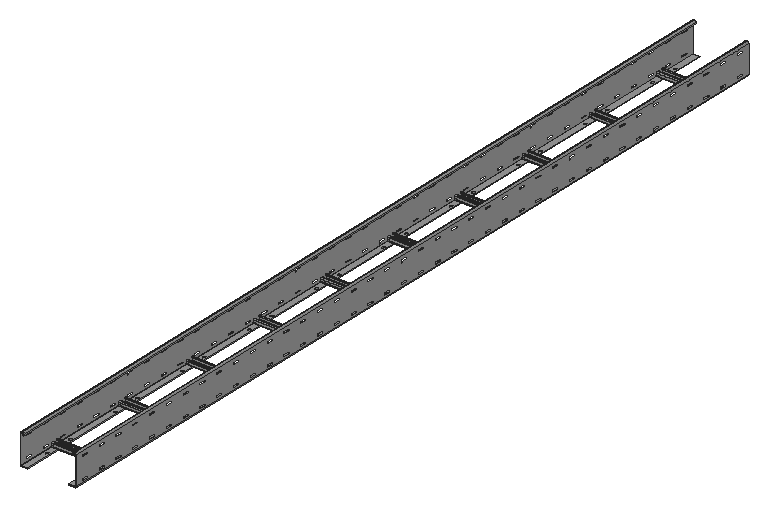
Revit family "Kabelleiter - LG 116 VS 6 FT -", category Generic Models, Revit 2017 (continued)
Forms (mm)
  Extrusion 127, void
    from 198.5 to 200
  Extrusion 128, void
    sketch origin (0, 2325, 0) x (0, 1, 0) y (0, 0, 1)
      loop
        line (23.5, 93.5) -> (23.5, 84.5) -> (51.5, 84.5) -> (51.5, 93.5) -> (23.5, 93.5)
    from 198.5 to 200
  Extrusion 129, void
    sketch origin (0, 2400, 0) x (0, 1, 0) y (0, 0, 1)
      loop
        line (23.5, 19.398) -> (23.5, 9.5) -> (51.5, 9.5) -> (51.5, 19.398) -> (23.5, 19.398)
    from 198.5 to 200
  Extrusion 130, void
    sketch origin (0, 2400, 0) x (0, 1, 0) y (0, 0, 1)
      loop
        line (23.5, 93.5) -> (23.5, 84.5) -> (51.5, 84.5) -> (51.5, 93.5) -> (23.5, 93.5)
    from 198.5 to 200
  Extrusion 131, void
    sketch origin (0, 2475, 0) x (0, 1, 0) y (0, 0, 1)
      loop
        line (23.5, 19.398) -> (23.5, 9.5) -> (51.5, 9.5) -> (51.5, 19.398) -> (23.5, 19.398)
    from 198.5 to 200
  Extrusion 132, void
    sketch origin (0, 2475, 0) x (0, 1, 0) y (0, 0, 1)
      loop
        line (23.5, 93.5) -> (23.5, 84.5) -> (51.5, 84.5) -> (51.5, 93.5) -> (23.5, 93.5)
    from 198.5 to 200
  Extrusion 133, void
    sketch origin (0, 2550, 0) x (0, 1, 0) y (0, 0, 1)
      loop
        line (23.5, 19.398) -> (23.5, 9.5) -> (51.5, 9.5) -> (51.5, 19.398) -> (23.5, 19.398)
    from 198.5 to 200
  Extrusion 134, void
    sketch origin (0, 2550, 0) x (0, 1, 0) y (0, 0, 1)
      loop
        line (23.5, 93.5) -> (23.5, 84.5) -> (51.5, 84.5) -> (51.5, 93.5) -> (23.5, 93.5)
    from 198.5 to 200
  Extrusion 135, void
    sketch origin (0, 2625, 0) x (0, 1, 0) y (0, 0, 1)
      loop
        line (23.5, 19.398) -> (23.5, 9.5) -> (51.5, 9.5) -> (51.5, 19.398) -> (23.5, 19.398)
    from 198.5 to 200
  Extrusion 136, void
    sketch origin (0, 2625, 0) x (0, 1, 0) y (0, 0, 1)
      loop
        line (23.5, 93.5) -> (23.5, 84.5) -> (51.5, 84.5) -> (51.5, 93.5) -> (23.5, 93.5)
    from 198.5 to 200
  Extrusion 137, void
    sketch origin (0, 2700, 0) x (0, 1, 0) y (0, 0, 1)
      loop
        line (23.5, 19.398) -> (23.5, 9.5) -> (51.5, 9.5) -> (51.5, 19.398) -> (23.5, 19.398)
    from 198.5 to 200
  Extrusion 138, void
    sketch origin (0, 2700, 0) x (0, 1, 0) y (0, 0, 1)
      loop
        line (23.5, 93.5) -> (23.5, 84.5) -> (51.5, 84.5) -> (51.5, 93.5) -> (23.5, 93.5)
    from 198.5 to 200
  Extrusion 139, void
    sketch origin (0, 2775, 0) x (0, 1, 0) y (0, 0, 1)
      loop
        line (23.5, 19.398) -> (23.5, 9.5) -> (51.5, 9.5) -> (51.5, 19.398) -> (23.5, 19.398)
    from 198.5 to 200
  Extrusion 140, void
    sketch origin (0, 2775, 0) x (0, 1, 0) y (0, 0, 1)
      loop
        line (23.5, 93.5) -> (23.5, 84.5) -> (51.5, 84.5) -> (51.5, 93.5) -> (23.5, 93.5)
    from 198.5 to 200
  Extrusion 141, void
    sketch origin (0, 2850, 0) x (0, 1, 0) y (0, 0, 1)
      loop
        line (23.5, 19.398) -> (23.5, 9.5) -> (51.5, 9.5) -> (51.5, 19.398) -> (23.5, 19.398)
    from 198.5 to 200
  Extrusion 142, void
    sketch origin (0, 2850, 0) x (0, 1, 0) y (0, 0, 1)
      loop
        line (23.5, 93.5) -> (23.5, 84.5) -> (51.5, 84.5) -> (51.5, 93.5) -> (23.5, 93.5)
    from 198.5 to 200
  Extrusion 143, void
    sketch origin (0, 2925, 0) x (0, 1, 0) y (0, 0, 1)
      loop
        line (23.5, 19.398) -> (23.5, 9.5) -> (51.5, 9.5) -> (51.5, 19.398) -> (23.5, 19.398)
    from 198.5 to 200
  Extrusion 144, void
    sketch origin (0, 2925, 0) x (0, 1, 0) y (0, 0, 1)
      loop
        line (23.5, 93.5) -> (23.5, 84.5) -> (51.5, 84.5) -> (51.5, 93.5) -> (23.5, 93.5)
    from 198.5 to 200
  Extrusion 145, void
    sketch origin (0, 0, 0) x (0, 1, 0) y (0, 0, 1)
      loop
        line (51.5, 92.903) -> (23.5, 92.903) -> (23.5, 84.5) -> (51.5, 84.5) -> (51.5, 92.903)
    from 0 to 1.5
  Extrusion 146, void
    sketch origin (0, 0, -75) x (0, 1, 0) y (0, 0, 1)
      loop
        line (51.5, 92.903) -> (23.5, 92.903) -> (23.5, 84.5) -> (51.5, 84.5) -> (51.5, 92.903)
    from 0 to 1.5
  Extrusion 147, void, not visible
    sketch origin (0, 0, 0) x (0, 1, 0) y (0, 0, 1)
      loop
        line (51.5, 92.903) -> (23.5, 92.903) -> (23.5, 84.5) -> (51.5, 84.5) -> (51.5, 92.903)
    from 0 to 1.5
  Extrusion 148, void
    sketch origin (0, 75, 0) x (0, 1, 0) y (0, 0, 1)
      loop
        line (51.5, 92.903) -> (23.5, 92.903) -> (23.5, 84.5) -> (51.5, 84.5) -> (51.5, 92.903)
    from 0 to 1.5
  Extrusion 149, void
    sketch origin (0, 75, -75) x (0, 1, 0) y (0, 0, 1)
      loop
        line (51.5, 92.903) -> (23.5, 92.903) -> (23.5, 84.5) -> (51.5, 84.5) -> (51.5, 92.903)
    from 0 to 1.5
  Extrusion 150, void
    sketch origin (0, 150, 0) x (0, 1, 0) y (0, 0, 1)
      loop
        line (51.5, 92.903) -> (23.5, 92.903) -> (23.5, 84.5) -> (51.5, 84.5) -> (51.5, 92.903)
    from 0 to 1.5
  Extrusion 151, void
    sketch origin (0, 150, -75) x (0, 1, 0) y (0, 0, 1)
      loop
        line (51.5, 92.903) -> (23.5, 92.903) -> (23.5, 84.5) -> (51.5, 84.5) -> (51.5, 92.903)
    from 0 to 1.5
  Extrusion 152, void
    sketch origin (0, 225, 0) x (0, 1, 0) y (0, 0, 1)
      loop
        line (51.5, 92.903) -> (23.5, 92.903) -> (23.5, 84.5) -> (51.5, 84.5) -> (51.5, 92.903)
    from 0 to 1.5
  Extrusion 153, void
    sketch origin (0, 225, -75) x (0, 1, 0) y (0, 0, 1)
      loop
        line (51.5, 92.903) -> (23.5, 92.903) -> (23.5, 84.5) -> (51.5, 84.5) -> (51.5, 92.903)
    from 0 to 1.5
  Extrusion 154, void
    sketch origin (0, 300, 0) x (0, 1, 0) y (0, 0, 1)
      loop
        line (51.5, 92.903) -> (23.5, 92.903) -> (23.5, 84.5) -> (51.5, 84.5) -> (51.5, 92.903)
    from 0 to 1.5
  Extrusion 155, void
    sketch origin (0, 300, -75) x (0, 1, 0) y (0, 0, 1)
      loop
        line (51.5, 92.903) -> (23.5, 92.903) -> (23.5, 84.5) -> (51.5, 84.5) -> (51.5, 92.903)
    from 0 to 1.5
  Extrusion 156, void
    sketch origin (0, 375, 0) x (0, 1, 0) y (0, 0, 1)
      loop
        line (51.5, 92.903) -> (23.5, 92.903) -> (23.5, 84.5) -> (51.5, 84.5) -> (51.5, 92.903)
    from 0 to 1.5
  Extrusion 157, void
    sketch origin (0, 375, -75) x (0, 1, 0) y (0, 0, 1)
      loop
        line (51.5, 92.903) -> (23.5, 92.903) -> (23.5, 84.5) -> (51.5, 84.5) -> (51.5, 92.903)
    from 0 to 1.5
  Extrusion 158, void
    sketch origin (0, 450, 0) x (0, 1, 0) y (0, 0, 1)
      loop
        line (51.5, 92.903) -> (23.5, 92.903) -> (23.5, 84.5) -> (51.5, 84.5) -> (51.5, 92.903)
    from 0 to 1.5
  Extrusion 159, void
    sketch origin (0, 450, -75) x (0, 1, 0) y (0, 0, 1)
      loop
        line (51.5, 92.903) -> (23.5, 92.903) -> (23.5, 84.5) -> (51.5, 84.5) -> (51.5, 92.903)
    from 0 to 1.5
  Extrusion 160, void
    sketch origin (0, 525, 0) x (0, 1, 0) y (0, 0, 1)
      loop
        line (51.5, 92.903) -> (23.5, 92.903) -> (23.5, 84.5) -> (51.5, 84.5) -> (51.5, 92.903)
    from 0 to 1.5
  Extrusion 161, void
    sketch origin (0, 525, -75) x (0, 1, 0) y (0, 0, 1)
      loop
        line (51.5, 92.903) -> (23.5, 92.903) -> (23.5, 84.5) -> (51.5, 84.5) -> (51.5, 92.903)
    from 0 to 1.5
  Extrusion 162, void
    sketch origin (0, 600, 0) x (0, 1, 0) y (0, 0, 1)
      loop
        line (51.5, 92.903) -> (23.5, 92.903) -> (23.5, 84.5) -> (51.5, 84.5) -> (51.5, 92.903)
    from 0 to 1.5
  Extrusion 163, void
    sketch origin (0, 600, -75) x (0, 1, 0) y (0, 0, 1)
      loop
        line (51.5, 92.903) -> (23.5, 92.903) -> (23.5, 84.5) -> (51.5, 84.5) -> (51.5, 92.903)
    from 0 to 1.5
  Extrusion 164, void
    sketch origin (0, 675, 0) x (0, 1, 0) y (0, 0, 1)
      loop
        line (51.5, 92.903) -> (23.5, 92.903) -> (23.5, 84.5) -> (51.5, 84.5) -> (51.5, 92.903)
    from 0 to 1.5
  Extrusion 165, void
    sketch origin (0, 675, -75) x (0, 1, 0) y (0, 0, 1)
      loop
        line (51.5, 92.903) -> (23.5, 92.903) -> (23.5, 84.5) -> (51.5, 84.5) -> (51.5, 92.903)
    from 0 to 1.5
  Extrusion 166, void
    sketch origin (0, 750, 0) x (0, 1, 0) y (0, 0, 1)
      loop
        line (51.5, 92.903) -> (23.5, 92.903) -> (23.5, 84.5) -> (51.5, 84.5) -> (51.5, 92.903)
    from 0 to 1.5
  Extrusion 167, void
    sketch origin (0, 750, -75) x (0, 1, 0) y (0, 0, 1)
      loop
        line (51.5, 92.903) -> (23.5, 92.903) -> (23.5, 84.5) -> (51.5, 84.5) -> (51.5, 92.903)
    from 0 to 1.5
  Extrusion 168, void
    sketch origin (0, 825, 0) x (0, 1, 0) y (0, 0, 1)
      loop
        line (51.5, 92.903) -> (23.5, 92.903) -> (23.5, 84.5) -> (51.5, 84.5) -> (51.5, 92.903)
    from 0 to 1.5
  Extrusion 169, void
    sketch origin (0, 825, -75) x (0, 1, 0) y (0, 0, 1)
      loop
        line (51.5, 92.903) -> (23.5, 92.903) -> (23.5, 84.5) -> (51.5, 84.5) -> (51.5, 92.903)
    from 0 to 1.5
  Extrusion 170, void
    sketch origin (0, 900, 0) x (0, 1, 0) y (0, 0, 1)
      loop
        line (51.5, 92.903) -> (23.5, 92.903) -> (23.5, 84.5) -> (51.5, 84.5) -> (51.5, 92.903)
    from 0 to 1.5
  Extrusion 171, void
    sketch origin (0, 900, -75) x (0, 1, 0) y (0, 0, 1)
      loop
        line (51.5, 92.903) -> (23.5, 92.903) -> (23.5, 84.5) -> (51.5, 84.5) -> (51.5, 92.903)
    from 0 to 1.5
  Extrusion 172, void
    sketch origin (0, 975, 0) x (0, 1, 0) y (0, 0, 1)
      loop
        line (51.5, 92.903) -> (23.5, 92.903) -> (23.5, 84.5) -> (51.5, 84.5) -> (51.5, 92.903)
    from 0 to 1.5
  Extrusion 173, void
    sketch origin (0, 975, -75) x (0, 1, 0) y (0, 0, 1)
      loop
        line (51.5, 92.903) -> (23.5, 92.903) -> (23.5, 84.5) -> (51.5, 84.5) -> (51.5, 92.903)
    from 0 to 1.5
  Extrusion 174, void
    sketch origin (0, 1050, 0) x (0, 1, 0) y (0, 0, 1)
      loop
        line (51.5, 92.903) -> (23.5, 92.903) -> (23.5, 84.5) -> (51.5, 84.5) -> (51.5, 92.903)
    from 0 to 1.5
  Extrusion 175, void
    sketch origin (0, 1050, -75) x (0, 1, 0) y (0, 0, 1)
      loop
        line (51.5, 92.903) -> (23.5, 92.903) -> (23.5, 84.5) -> (51.5, 84.5) -> (51.5, 92.903)
    from 0 to 1.5
  Extrusion 176, void
    sketch origin (0, 1125, 0) x (0, 1, 0) y (0, 0, 1)
      loop
        line (51.5, 92.903) -> (23.5, 92.903) -> (23.5, 84.5) -> (51.5, 84.5) -> (51.5, 92.903)
    from 0 to 1.5
  Extrusion 177, void
    sketch origin (0, 1125, -75) x (0, 1, 0) y (0, 0, 1)
      loop
        line (51.5, 92.903) -> (23.5, 92.903) -> (23.5, 84.5) -> (51.5, 84.5) -> (51.5, 92.903)
    from 0 to 1.5
  Extrusion 178, void
    sketch origin (0, 1200, 0) x (0, 1, 0) y (0, 0, 1)
      loop
        line (51.5, 92.903) -> (23.5, 92.903) -> (23.5, 84.5) -> (51.5, 84.5) -> (51.5, 92.903)
    from 0 to 1.5
  Extrusion 179, void
    sketch origin (0, 1200, -75) x (0, 1, 0) y (0, 0, 1)
      loop
        line (51.5, 92.903) -> (23.5, 92.903) -> (23.5, 84.5) -> (51.5, 84.5) -> (51.5, 92.903)
    from 0 to 1.5
  Extrusion 180, void
    sketch origin (0, 1275, 0) x (0, 1, 0) y (0, 0, 1)
      loop
        line (51.5, 92.903) -> (23.5, 92.903) -> (23.5, 84.5) -> (51.5, 84.5) -> (51.5, 92.903)
    from 0 to 1.5
  Extrusion 181, void
    sketch origin (0, 1275, -75) x (0, 1, 0) y (0, 0, 1)
      loop
        line (51.5, 92.903) -> (23.5, 92.903) -> (23.5, 84.5) -> (51.5, 84.5) -> (51.5, 92.903)
    from 0 to 1.5
  Extrusion 182, void
    sketch origin (0, 1350, 0) x (0, 1, 0) y (0, 0, 1)
      loop
        line (51.5, 92.903) -> (23.5, 92.903) -> (23.5, 84.5) -> (51.5, 84.5) -> (51.5, 92.903)
    from 0 to 1.5
  Extrusion 183, void
    sketch origin (0, 1350, -75) x (0, 1, 0) y (0, 0, 1)
      loop
        line (51.5, 92.903) -> (23.5, 92.903) -> (23.5, 84.5) -> (51.5, 84.5) -> (51.5, 92.903)
    from 0 to 1.5
  Extrusion 184, void
    sketch origin (0, 1425, 0) x (0, 1, 0) y (0, 0, 1)
      loop
        line (51.5, 92.903) -> (23.5, 92.903) -> (23.5, 84.5) -> (51.5, 84.5) -> (51.5, 92.903)
    from 0 to 1.5
  Extrusion 185, void
    sketch origin (0, 1425, -75) x (0, 1, 0) y (0, 0, 1)
      loop
        line (51.5, 92.903) -> (23.5, 92.903) -> (23.5, 84.5) -> (51.5, 84.5) -> (51.5, 92.903)
    from 0 to 1.5
  Extrusion 186, void
    sketch origin (0, 1500, 0) x (0, 1, 0) y (0, 0, 1)
      loop
        line (51.5, 92.903) -> (23.5, 92.903) -> (23.5, 84.5) -> (51.5, 84.5) -> (51.5, 92.903)
    from 0 to 1.5
  Extrusion 187, void
    sketch origin (0, 1500, -75) x (0, 1, 0) y (0, 0, 1)
      loop
        line (51.5, 92.903) -> (23.5, 92.903) -> (23.5, 84.5) -> (51.5, 84.5) -> (51.5, 92.903)
    from 0 to 1.5
  Extrusion 188, void
    sketch origin (0, 1575, 0) x (0, 1, 0) y (0, 0, 1)
      loop
        line (51.5, 92.903) -> (23.5, 92.903) -> (23.5, 84.5) -> (51.5, 84.5) -> (51.5, 92.903)
    from 0 to 1.5
  Extrusion 189, void
    sketch origin (0, 1575, -75) x (0, 1, 0) y (0, 0, 1)
      loop
        line (51.5, 92.903) -> (23.5, 92.903) -> (23.5, 84.5) -> (51.5, 84.5) -> (51.5, 92.903)
    from 0 to 1.5
  Extrusion 190, void
    sketch origin (0, 1650, 0) x (0, 1, 0) y (0, 0, 1)
      loop
        line (51.5, 92.903) -> (23.5, 92.903) -> (23.5, 84.5) -> (51.5, 84.5) -> (51.5, 92.903)
    from 0 to 1.5
  Extrusion 191, void
    sketch origin (0, 1650, -75) x (0, 1, 0) y (0, 0, 1)
      loop
        line (51.5, 92.903) -> (23.5, 92.903) -> (23.5, 84.5) -> (51.5, 84.5) -> (51.5, 92.903)
    from 0 to 1.5
  Extrusion 192, void
    sketch origin (0, 1725, 0) x (0, 1, 0) y (0, 0, 1)
      loop
        line (51.5, 92.903) -> (23.5, 92.903) -> (23.5, 84.5) -> (51.5, 84.5) -> (51.5, 92.903)
    from 0 to 1.5
  Extrusion 193, void
    sketch origin (0, 1725, -75) x (0, 1, 0) y (0, 0, 1)
      loop
        line (51.5, 92.903) -> (23.5, 92.903) -> (23.5, 84.5) -> (51.5, 84.5) -> (51.5, 92.903)
    from 0 to 1.5
  Extrusion 194, void
    sketch origin (0, 1800, 0) x (0, 1, 0) y (0, 0, 1)
      loop
        line (51.5, 92.903) -> (23.5, 92.903) -> (23.5, 84.5) -> (51.5, 84.5) -> (51.5, 92.903)
    from 0 to 1.5
  Extrusion 195, void
    sketch origin (0, 1800, -75) x (0, 1, 0) y (0, 0, 1)
      loop
        line (51.5, 92.903) -> (23.5, 92.903) -> (23.5, 84.5) -> (51.5, 84.5) -> (51.5, 92.903)
    from 0 to 1.5
  Extrusion 196, void
    sketch origin (0, 1875, 0) x (0, 1, 0) y (0, 0, 1)
      loop
        line (51.5, 92.903) -> (23.5, 92.903) -> (23.5, 84.5) -> (51.5, 84.5) -> (51.5, 92.903)
    from 0 to 1.5
  Extrusion 197, void
    sketch origin (0, 1875, -75) x (0, 1, 0) y (0, 0, 1)
      loop
        line (51.5, 92.903) -> (23.5, 92.903) -> (23.5, 84.5) -> (51.5, 84.5) -> (51.5, 92.903)
    from 0 to 1.5
  Extrusion 198, void
    sketch origin (0, 1950, 0) x (0, 1, 0) y (0, 0, 1)
      loop
        line (51.5, 92.903) -> (23.5, 92.903) -> (23.5, 84.5) -> (51.5, 84.5) -> (51.5, 92.903)
    from 0 to 1.5
  Extrusion 199, void
    sketch origin (0, 1950, -75) x (0, 1, 0) y (0, 0, 1)
      loop
        line (51.5, 92.903) -> (23.5, 92.903) -> (23.5, 84.5) -> (51.5, 84.5) -> (51.5, 92.903)
    from 0 to 1.5
  Extrusion 200, void
    sketch origin (0, 2025, 0) x (0, 1, 0) y (0, 0, 1)
      loop
        line (51.5, 92.903) -> (23.5, 92.903) -> (23.5, 84.5) -> (51.5, 84.5) -> (51.5, 92.903)
    from 0 to 1.5
  Extrusion 201, void
    sketch origin (0, 2025, -75) x (0, 1, 0) y (0, 0, 1)
      loop
        line (51.5, 92.903) -> (23.5, 92.903) -> (23.5, 84.5) -> (51.5, 84.5) -> (51.5, 92.903)
    from 0 to 1.5
  Extrusion 202, void
    sketch origin (0, 2100, 0) x (0, 1, 0) y (0, 0, 1)
      loop
        line (51.5, 92.903) -> (23.5, 92.903) -> (23.5, 84.5) -> (51.5, 84.5) -> (51.5, 92.903)
    from 0 to 1.5
  Extrusion 203, void
    sketch origin (0, 2100, -75) x (0, 1, 0) y (0, 0, 1)
      loop
        line (51.5, 92.903) -> (23.5, 92.903) -> (23.5, 84.5) -> (51.5, 84.5) -> (51.5, 92.903)
    from 0 to 1.5
  Extrusion 204, void
    sketch origin (0, 2175, 0) x (0, 1, 0) y (0, 0, 1)
      loop
        line (51.5, 92.903) -> (23.5, 92.903) -> (23.5, 84.5) -> (51.5, 84.5) -> (51.5, 92.903)
    from 0 to 1.5
  Extrusion 205, void
    sketch origin (0, 2175, -75) x (0, 1, 0) y (0, 0, 1)
      loop
        line (51.5, 92.903) -> (23.5, 92.903) -> (23.5, 84.5) -> (51.5, 84.5) -> (51.5, 92.903)
    from 0 to 1.5
  Extrusion 206, void
    sketch origin (0, 2250, 0) x (0, 1, 0) y (0, 0, 1)
      loop
        line (51.5, 92.903) -> (23.5, 92.903) -> (23.5, 84.5) -> (51.5, 84.5) -> (51.5, 92.903)
    from 0 to 1.5
  Extrusion 207, void
    sketch origin (0, 2250, -75) x (0, 1, 0) y (0, 0, 1)
      loop
        line (51.5, 92.903) -> (23.5, 92.903) -> (23.5, 84.5) -> (51.5, 84.5) -> (51.5, 92.903)
    from 0 to 1.5
  Extrusion 208, void
    sketch origin (0, 2325, 0) x (0, 1, 0) y (0, 0, 1)
      loop
        line (51.5, 92.903) -> (23.5, 92.903) -> (23.5, 84.5) -> (51.5, 84.5) -> (51.5, 92.903)
    from 0 to 1.5
  Extrusion 209, void
    sketch origin (0, 2325, -75) x (0, 1, 0) y (0, 0, 1)
      loop
        line (51.5, 92.903) -> (23.5, 92.903) -> (23.5, 84.5) -> (51.5, 84.5) -> (51.5, 92.903)
    from 0 to 1.5
  Extrusion 210, void
    sketch origin (0, 2400, 0) x (0, 1, 0) y (0, 0, 1)
      loop
        line (51.5, 92.903) -> (23.5, 92.903) -> (23.5, 84.5) -> (51.5, 84.5) -> (51.5, 92.903)
    from 0 to 1.5
  Extrusion 211, void
    sketch origin (0, 2400, -75) x (0, 1, 0) y (0, 0, 1)
      loop
        line (51.5, 92.903) -> (23.5, 92.903) -> (23.5, 84.5) -> (51.5, 84.5) -> (51.5, 92.903)
    from 0 to 1.5
  Extrusion 212, void
    sketch origin (0, 2475, 0) x (0, 1, 0) y (0, 0, 1)
      loop
        line (51.5, 92.903) -> (23.5, 92.903) -> (23.5, 84.5) -> (51.5, 84.5) -> (51.5, 92.903)
    from 0 to 1.5
  Extrusion 213, void
    sketch origin (0, 2475, -75) x (0, 1, 0) y (0, 0, 1)
      loop
        line (51.5, 92.903) -> (23.5, 92.903) -> (23.5, 84.5) -> (51.5, 84.5) -> (51.5, 92.903)
    from 0 to 1.5
  Extrusion 214, void
    sketch origin (0, 2550, 0) x (0, 1, 0) y (0, 0, 1)
      loop
        line (51.5, 92.903) -> (23.5, 92.903) -> (23.5, 84.5) -> (51.5, 84.5) -> (51.5, 92.903)
    from 0 to 1.5
  Extrusion 215, void
    sketch origin (0, 2550, -75) x (0, 1, 0) y (0, 0, 1)
      loop
        line (51.5, 92.903) -> (23.5, 92.903) -> (23.5, 84.5) -> (51.5, 84.5) -> (51.5, 92.903)
    from 0 to 1.5
  Extrusion 216, void
    sketch origin (0, 2625, 0) x (0, 1, 0) y (0, 0, 1)
      loop
        line (51.5, 92.903) -> (23.5, 92.903) -> (23.5, 84.5) -> (51.5, 84.5) -> (51.5, 92.903)
    from 0 to 1.5
  Extrusion 217, void
    sketch origin (0, 2625, -75) x (0, 1, 0) y (0, 0, 1)
      loop
        line (51.5, 92.903) -> (23.5, 92.903) -> (23.5, 84.5) -> (51.5, 84.5) -> (51.5, 92.903)
    from 0 to 1.5
  Extrusion 218, void
    sketch origin (0, 2700, 0) x (0, 1, 0) y (0, 0, 1)
      loop
        line (51.5, 92.903) -> (23.5, 92.903) -> (23.5, 84.5) -> (51.5, 84.5) -> (51.5, 92.903)
    from 0 to 1.5
  Extrusion 219, void
    sketch origin (0, 2700, -75) x (0, 1, 0) y (0, 0, 1)
      loop
        line (51.5, 92.903) -> (23.5, 92.903) -> (23.5, 84.5) -> (51.5, 84.5) -> (51.5, 92.903)
    from 0 to 1.5
  Extrusion 220, void
    sketch origin (0, 2775, 0) x (0, 1, 0) y (0, 0, 1)
      loop
        line (51.5, 92.903) -> (23.5, 92.903) -> (23.5, 84.5) -> (51.5, 84.5) -> (51.5, 92.903)
    from 0 to 1.5
  Extrusion 221, void
    sketch origin (0, 2775, -75) x (0, 1, 0) y (0, 0, 1)
      loop
        line (51.5, 92.903) -> (23.5, 92.903) -> (23.5, 84.5) -> (51.5, 84.5) -> (51.5, 92.903)
    from 0 to 1.5
  Extrusion 222, void
    sketch origin (0, 2850, 0) x (0, 1, 0) y (0, 0, 1)
      loop
        line (51.5, 92.903) -> (23.5, 92.903) -> (23.5, 84.5) -> (51.5, 84.5) -> (51.5, 92.903)
    from 0 to 1.5
  Extrusion 223, void
    sketch origin (0, 2850, -75) x (0, 1, 0) y (0, 0, 1)
      loop
        line (51.5, 92.903) -> (23.5, 92.903) -> (23.5, 84.5) -> (51.5, 84.5) -> (51.5, 92.903)
    from 0 to 1.5
  Extrusion 224, void
    sketch origin (0, 2925, 0) x (0, 1, 0) y (0, 0, 1)
      loop
        line (51.5, 92.903) -> (23.5, 92.903) -> (23.5, 84.5) -> (51.5, 84.5) -> (51.5, 92.903)
    from 0 to 1.5
  Extrusion 225, void
    sketch origin (0, 2925, -75) x (0, 1, 0) y (0, 0, 1)
      loop
        line (51.5, 92.903) -> (23.5, 92.903) -> (23.5, 84.5) -> (51.5, 84.5) -> (51.5, 92.903)
    from 0 to 1.5
  Extrusion 226, void
    sketch origin (0, 0, 0) x (1, 0, 0) y (0, 1, 0)
      loop
        arc (41, 453.584) -> (37.5, 450.084) -> (41, 446.584) r 3.5
        line (41, 446.584) -> (54, 446.584)
        arc (54, 446.584) -> (57.5, 450.084) -> (54, 453.584) r 3.5
        line (54, 453.584) -> (41, 453.584)
    from 1.5 to 3
  Extrusion 227, void
    sketch origin (50, 0, 0) x (1, 0, 0) y (0, 1, 0)
      loop
        arc (41, 453.584) -> (37.5, 450.084) -> (41, 446.584) r 3.5
        line (41, 446.584) -> (54, 446.584)
        arc (54, 446.584) -> (57.5, 450.084) -> (54, 453.584) r 3.5
        line (54, 453.584) -> (41, 453.584)
    from 1.5 to 3
  Extrusion 228, void
    sketch origin (100, 0, 0) x (1, 0, 0) y (0, 1, 0)
      loop
        arc (41, 453.584) -> (37.5, 450.084) -> (41, 446.584) r 3.5
        line (41, 446.584) -> (54, 446.584)
        arc (54, 446.584) -> (57.5, 450.084) -> (54, 453.584) r 3.5
        line (54, 453.584) -> (41, 453.584)
    from 1.5 to 3
  Extrusion 229, void
    sketch origin (50, 600, 0) x (1, 0, 0) y (0, 1, 0)
      loop
        arc (41, 153.584) -> (37.5, 150.084) -> (41, 146.584) r 3.5
        line (41, 146.584) -> (54, 146.584)
        arc (54, 146.584) -> (57.5, 150.084) -> (54, 153.584) r 3.5
        line (54, 153.584) -> (41, 153.584)
    from 1.5 to 3
  Extrusion 230, void
    sketch origin (100, 600, 0) x (1, 0, 0) y (0, 1, 0)
      loop
        arc (41, 153.584) -> (37.5, 150.084) -> (41, 146.584) r 3.5
        line (41, 146.584) -> (54, 146.584)
        arc (54, 146.584) -> (57.5, 150.084) -> (54, 153.584) r 3.5
        line (54, 153.584) -> (41, 153.584)
    from 1.5 to 3
  Extrusion 231, void
    sketch origin (50, 900, 0) x (1, 0, 0) y (0, 1, 0)
      loop
        arc (41, 153.584) -> (37.5, 150.084) -> (41, 146.584) r 3.5
        line (41, 146.584) -> (54, 146.584)
        arc (54, 146.584) -> (57.5, 150.084) -> (54, 153.584) r 3.5
        line (54, 153.584) -> (41, 153.584)
    from 1.5 to 3
  Extrusion 232, void
    sketch origin (100, 900, 0) x (1, 0, 0) y (0, 1, 0)
      loop
        arc (41, 153.584) -> (37.5, 150.084) -> (41, 146.584) r 3.5
        line (41, 146.584) -> (54, 146.584)
        arc (54, 146.584) -> (57.5, 150.084) -> (54, 153.584) r 3.5
        line (54, 153.584) -> (41, 153.584)
    from 1.5 to 3
  Extrusion 233, void
    sketch origin (50, 1200, 0) x (1, 0, 0) y (0, 1, 0)
      loop
        arc (41, 153.584) -> (37.5, 150.084) -> (41, 146.584) r 3.5
        line (41, 146.584) -> (54, 146.584)
        arc (54, 146.584) -> (57.5, 150.084) -> (54, 153.584) r 3.5
        line (54, 153.584) -> (41, 153.584)
    from 1.5 to 3
  Extrusion 234, void
    sketch origin (100, 1200, 0) x (1, 0, 0) y (0, 1, 0)
      loop
        arc (41, 153.584) -> (37.5, 150.084) -> (41, 146.584) r 3.5
        line (41, 146.584) -> (54, 146.584)
        arc (54, 146.584) -> (57.5, 150.084) -> (54, 153.584) r 3.5
        line (54, 153.584) -> (41, 153.584)
    from 1.5 to 3
  Extrusion 235, void
    sketch origin (50, 1500, 0) x (1, 0, 0) y (0, 1, 0)
      loop
        arc (41, 153.584) -> (37.5, 150.084) -> (41, 146.584) r 3.5
        line (41, 146.584) -> (54, 146.584)
        arc (54, 146.584) -> (57.5, 150.084) -> (54, 153.584) r 3.5
        line (54, 153.584) -> (41, 153.584)
    from 1.5 to 3
  Extrusion 236, void
    sketch origin (100, 1500, 0) x (1, 0, 0) y (0, 1, 0)
      loop
        arc (41, 153.584) -> (37.5, 150.084) -> (41, 146.584) r 3.5
        line (41, 146.584) -> (54, 146.584)
        arc (54, 146.584) -> (57.5, 150.084) -> (54, 153.584) r 3.5
        line (54, 153.584) -> (41, 153.584)
    from 1.5 to 3
  Extrusion 237, void
    sketch origin (50, 1800, 0) x (1, 0, 0) y (0, 1, 0)
      loop
        arc (41, 153.584) -> (37.5, 150.084) -> (41, 146.584) r 3.5
        line (41, 146.584) -> (54, 146.584)
        arc (54, 146.584) -> (57.5, 150.084) -> (54, 153.584) r 3.5
        line (54, 153.584) -> (41, 153.584)
    from 1.5 to 3
  Extrusion 238, void
    sketch origin (100, 1800, 0) x (1, 0, 0) y (0, 1, 0)
      loop
        arc (41, 153.584) -> (37.5, 150.084) -> (41, 146.584) r 3.5
        line (41, 146.584) -> (54, 146.584)
        arc (54, 146.584) -> (57.5, 150.084) -> (54, 153.584) r 3.5
        line (54, 153.584) -> (41, 153.584)
    from 1.5 to 3
  Extrusion 239, void
    sketch origin (50, 2100, 0) x (1, 0, 0) y (0, 1, 0)
      loop
        arc (41, 153.584) -> (37.5, 150.084) -> (41, 146.584) r 3.5
        line (41, 146.584) -> (54, 146.584)
        arc (54, 146.584) -> (57.5, 150.084) -> (54, 153.584) r 3.5
        line (54, 153.584) -> (41, 153.584)
    from 1.5 to 3
  Extrusion 240, void
    sketch origin (100, 2100, 0) x (1, 0, 0) y (0, 1, 0)
      loop
        arc (41, 153.584) -> (37.5, 150.084) -> (41, 146.584) r 3.5
        line (41, 146.584) -> (54, 146.584)
        arc (54, 146.584) -> (57.5, 150.084) -> (54, 153.584) r 3.5
        line (54, 153.584) -> (41, 153.584)
    from 1.5 to 3
  Extrusion 241, void
    sketch origin (50, 2400, 0) x (1, 0, 0) y (0, 1, 0)
      loop
        arc (41, 153.584) -> (37.5, 150.084) -> (41, 146.584) r 3.5
        line (41, 146.584) -> (54, 146.584)
        arc (54, 146.584) -> (57.5, 150.084) -> (54, 153.584) r 3.5
        line (54, 153.584) -> (41, 153.584)
    from 1.5 to 3
  Extrusion 242, void
    sketch origin (100, 2400, 0) x (1, 0, 0) y (0, 1, 0)
      loop
        arc (41, 153.584) -> (37.5, 150.084) -> (41, 146.584) r 3.5
        line (41, 146.584) -> (54, 146.584)
        arc (54, 146.584) -> (57.5, 150.084) -> (54, 153.584) r 3.5
        line (54, 153.584) -> (41, 153.584)
    from 1.5 to 3
  Extrusion 243, void
    sketch origin (50, 2700, 0) x (1, 0, 0) y (0, 1, 0)
      loop
        arc (41, 153.584) -> (37.5, 150.084) -> (41, 146.584) r 3.5
        line (41, 146.584) -> (54, 146.584)
        arc (54, 146.584) -> (57.5, 150.084) -> (54, 153.584) r 3.5
        line (54, 153.584) -> (41, 153.584)
    from 1.5 to 3
  Extrusion 244, void
    sketch origin (100, 2700, 0) x (1, 0, 0) y (0, 1, 0)
      loop
        arc (41, 153.584) -> (37.5, 150.084) -> (41, 146.584) r 3.5
        line (41, 146.584) -> (54, 146.584)
        arc (54, 146.584) -> (57.5, 150.084) -> (54, 153.584) r 3.5
        line (54, 153.584) -> (41, 153.584)
    from 1.5 to 3
Cuts and joins
  Extrusion 3, Extrusion 4, Extrusion 19, Extrusion 20, Extrusion 23, Extrusion 25, Extrusion 27, Extrusion 29, Extrusion 31, Extrusion 33, Extrusion 35, Extrusion 37, Extrusion 39, Extrusion 41, Extrusion 43, Extrusion 45, Extrusion 47, Extrusion 49, Extrusion 51, Extrusion 53, Extrusion 55, Extrusion 57, Extrusion 145, Extrusion 146, Extrusion 148, Extrusion 149, Extrusion 150, Extrusion 151, Extrusion 152, Extrusion 153, Extrusion 154, Extrusion 155, Extrusion 156, Extrusion 157, Extrusion 158, Extrusion 159, Extrusion 160, Extrusion 161, Extrusion 162, Extrusion 163, Extrusion 164, Extrusion 165, Extrusion 166, Extrusion 167, Extrusion 168, Extrusion 169, Extrusion 170, Extrusion 171, Extrusion 172, Extrusion 173, Extrusion 174, Extrusion 175, Extrusion 176, Extrusion 177, Extrusion 178, Extrusion 179, Extrusion 180, Extrusion 181, Extrusion 182, Extrusion 183, Extrusion 184, Extrusion 185, Extrusion 186, Extrusion 187, Extrusion 188, Extrusion 189, Extrusion 190, Extrusion 191, Extrusion 192, Extrusion 193, Extrusion 194, Extrusion 195, Extrusion 196, Extrusion 197, Extrusion 198, Extrusion 199, Extrusion 200, Extrusion 201, Extrusion 202, Extrusion 203, Extrusion 204, Extrusion 205, Extrusion 206, Extrusion 207, Extrusion 208, Extrusion 209, Extrusion 210, Extrusion 211, Extrusion 212, Extrusion 213, Extrusion 214, Extrusion 215, Extrusion 216, Extrusion 217, Extrusion 218, Extrusion 219, Extrusion 220, Extrusion 221, Extrusion 222, Extrusion 223, Extrusion 224, Extrusion 225 cuts Extrusion 1
  Extrusion 3, Extrusion 4, Extrusion 21, Extrusion 22, Extrusion 24, Extrusion 26, Extrusion 28, Extrusion 30, Extrusion 32, Extrusion 34, Extrusion 36, Extrusion 38, Extrusion 40, Extrusion 42, Extrusion 44, Extrusion 46, Extrusion 48, Extrusion 50, Extrusion 52, Extrusion 54, Extrusion 56, Extrusion 58, Extrusion 67, Extrusion 68, Extrusion 69, Extrusion 70, Extrusion 71, Extrusion 72, Extrusion 73, Extrusion 74, Extrusion 75, Extrusion 76, Extrusion 77, Extrusion 78, Extrusion 79, Extrusion 80, Extrusion 81, Extrusion 82, Extrusion 83, Extrusion 84, Extrusion 85, Extrusion 86, Extrusion 87, Extrusion 88, Extrusion 89, Extrusion 90, Extrusion 91, Extrusion 92, Extrusion 93, Extrusion 94, Extrusion 95, Extrusion 96, Extrusion 97, Extrusion 98, Extrusion 99, Extrusion 100, Extrusion 101, Extrusion 102, Extrusion 103, Extrusion 104, Extrusion 105, Extrusion 106, Extrusion 107, Extrusion 108, Extrusion 109, Extrusion 110, Extrusion 111, Extrusion 112, Extrusion 113, Extrusion 114, Extrusion 115, Extrusion 116, Extrusion 117, Extrusion 118, Extrusion 119, Extrusion 120, Extrusion 121, Extrusion 122, Extrusion 123, Extrusion 124, Extrusion 125, Extrusion 126, Extrusion 127, Extrusion 128, Extrusion 129, Extrusion 130, Extrusion 131, Extrusion 132, Extrusion 133, Extrusion 134, Extrusion 135, Extrusion 136, Extrusion 137, Extrusion 138, Extrusion 139, Extrusion 140, Extrusion 141, Extrusion 142, Extrusion 143, Extrusion 144, Extrusion 145 cuts Extrusion 2
  Extrusion 16, Extrusion 17, Extrusion 18 cuts Extrusion 6
  Extrusion 59, Extrusion 229, Extrusion 230 cuts Extrusion 8
  Extrusion 60, Extrusion 231, Extrusion 232 cuts Extrusion 9
  Extrusion 61, Extrusion 233, Extrusion 234 cuts Extrusion 10
  Extrusion 62, Extrusion 235, Extrusion 236 cuts Extrusion 11
  Extrusion 63, Extrusion 237, Extrusion 238 cuts Extrusion 12
  Extrusion 64, Extrusion 239, Extrusion 240 cuts Extrusion 13
  Extrusion 65, Extrusion 241, Extrusion 242 cuts Extrusion 14
  Extrusion 66, Extrusion 243, Extrusion 244 cuts Extrusion 15
  Extrusion 226, Extrusion 227, Extrusion 228 cuts Extrusion 7
Dimensions and locks
  locked: plane 4 to Extrusion 1 sketch curve at 3
  locked: Extrusion 1 sketch curve to Extrusion 1 sketch curve at 110.036
  locked: Extrusion 1 sketch curve to Extrusion 1 sketch curve at 9.057
  locked: Extrusion 1 sketch curve to Extrusion 1 sketch curve at 27
  locked: Extrusion 1 sketch curve to Extrusion 1 sketch curve at 1.5  (x3)
  locked: Extrusion 1 sketch curve to Extrusion 1 sketch curve at 8.952
  locked: Extrusion 2 sketch curve to Extrusion 2 sketch curve at 12  (x2)
  locked: Extrusion 2 sketch curve to Extrusion 2 sketch curve at 1.5  (x3)
  locked: Extrusion 2 sketch curve to Extrusion 2 sketch curve at 109.979
  locked: Extrusion 2 sketch curve to Extrusion 2 sketch curve at 27.052
  "Width": plane 6 to plane 3 "Center (Left/Right)"
  locked: plane 12 to plane 11 at 37.5
  Extrusion 2 to plane 13 = 14 mm
  locked: plane 12 to plane 13 at 75
  locked: plane 13 to Extrusion 3 sketch curve at 4.5
  locked: Extrusion 3 sketch curve to Extrusion 3 sketch curve at 28
  locked: Extrusion 3 sketch curve to plane 10 at 14
  cut or joined group 1 (Extrusion 2, Extrusion 3, Extrusion 4, Extrusion 21, Extrusion 22, Extrusion 24, Extrusion 26, Extrusion 28, Extrusion 30, Extrusion 32, Extrusion 34, Extrusion 36, Extrusion 38, Extrusion 40, Extrusion 42, Extrusion 44, Extrusion 46, Extrusion 48, Extrusion 50, Extrusion 52, Extrusion 54, Extrusion 56, Extrusion 58, Extrusion 67, Extrusion 68, Extrusion 69, Extrusion 70, Extrusion 71, Extrusion 72, Extrusion 73, Extrusion 74, Extrusion 75, Extrusion 76, Extrusion 77, Extrusion 78, Extrusion 79, Extrusion 80, Extrusion 81, Extrusion 82, Extrusion 83, Extrusion 84, Extrusion 85, Extrusion 86, Extrusion 87, Extrusion 88, Extrusion 89, Extrusion 90, Extrusion 91, Extrusion 92, Extrusion 93, Extrusion 94, Extrusion 95, Extrusion 96, Extrusion 97, Extrusion 98, Extrusion 99, Extrusion 100, Extrusion 101, Extrusion 102, Extrusion 103, Extrusion 104, Extrusion 105, Extrusion 106, Extrusion 107, Extrusion 108, Extrusion 109, Extrusion 110, Extrusion 111, Extrusion 112, Extrusion 113, Extrusion 114, Extrusion 115, Extrusion 116, Extrusion 117, Extrusion 118, Extrusion 119, Extrusion 120, Extrusion 121, Extrusion 122, Extrusion 123, Extrusion 124, Extrusion 125, Extrusion 126, Extrusion 127, Extrusion 128, Extrusion 129, Extrusion 130, Extrusion 131, Extrusion 132, Extrusion 133, Extrusion 134, Extrusion 135, Extrusion 136, Extrusion 137, Extrusion 138, Extrusion 139, Extrusion 140, Extrusion 141, Extrusion 142, Extrusion 143, Extrusion 144, Extrusion 145) to plane 15 = 14 mm
  locked: plane 14 to plane 15 at 75
  locked: Extrusion 4 sketch curve to Extrusion 4 sketch curve at 28
  locked: plane 16 to Extrusion 4 sketch curve at 14
  locked: Extrusion 4 sketch curve to Extrusion 4 sketch curve at 9
  locked: plane 14 to Extrusion 4 sketch curve at 4.5
  locked: plane 19 to plane 18 at 37.5
  locked: plane 19 to plane 20 at 75
  locked: plane 20 to Extrusion 5 sketch curve at 4.5
  locked: Extrusion 5 sketch curve to Extrusion 5 sketch curve at 28
  locked: Extrusion 5 sketch curve to plane 17 at 14
  locked: cut or joined group 1 to cut or joined group 1 at 9.5
  locked: cut or joined group 1 to cut or joined group 1 at 84.5
  locked: Extrusion 6 sketch curve to Extrusion 6 sketch curve at 27
  locked: Extrusion 6 sketch curve to Extrusion 6 sketch curve at 30
  locked: Extrusion 6 sketch curve to Extrusion 6 sketch curve at 1.5  (x3)
  Extrusion 6 sketch curve to Extrusion 6 sketch curve = 1.5 mm
  locked: Extrusion 6 sketch curve to Extrusion 6 sketch curve at 16.916
  locked: Extrusion 7 sketch curve to Extrusion 7 sketch curve at 27
  locked: Extrusion 7 sketch curve to Extrusion 7 sketch curve at 30
  locked: Extrusion 7 sketch curve to Extrusion 7 sketch curve at 1.5  (x3)
  Extrusion 7 sketch curve to Extrusion 7 sketch curve = 1.5 mm
  locked: Extrusion 7 sketch curve to Extrusion 7 sketch curve at 16.916
  locked: Extrusion 8 sketch curve to Extrusion 8 sketch curve at 27
  locked: Extrusion 8 sketch curve to Extrusion 8 sketch curve at 30
  locked: Extrusion 8 sketch curve to Extrusion 8 sketch curve at 1.5  (x3)
  Extrusion 8 sketch curve to Extrusion 8 sketch curve = 1.5 mm
  locked: Extrusion 8 sketch curve to Extrusion 8 sketch curve at 16.916
  locked: Extrusion 9 sketch curve to Extrusion 9 sketch curve at 27
  locked: Extrusion 9 sketch curve to Extrusion 9 sketch curve at 30
  locked: Extrusion 9 sketch curve to Extrusion 9 sketch curve at 1.5  (x3)
  Extrusion 9 sketch curve to Extrusion 9 sketch curve = 1.5 mm
  locked: Extrusion 9 sketch curve to Extrusion 9 sketch curve at 16.916
  locked: Extrusion 10 sketch curve to Extrusion 10 sketch curve at 27
  locked: Extrusion 10 sketch curve to Extrusion 10 sketch curve at 30
  locked: Extrusion 10 sketch curve to Extrusion 10 sketch curve at 1.5  (x3)
  Extrusion 10 sketch curve to Extrusion 10 sketch curve = 1.5 mm
  locked: Extrusion 10 sketch curve to Extrusion 10 sketch curve at 16.916
  locked: Extrusion 11 sketch curve to Extrusion 11 sketch curve at 27
  locked: Extrusion 11 sketch curve to Extrusion 11 sketch curve at 30
  locked: Extrusion 11 sketch curve to Extrusion 11 sketch curve at 1.5  (x3)
  Extrusion 11 sketch curve to Extrusion 11 sketch curve = 1.5 mm
  locked: Extrusion 11 sketch curve to Extrusion 11 sketch curve at 16.916
  locked: Extrusion 12 sketch curve to Extrusion 12 sketch curve at 27
  locked: Extrusion 12 sketch curve to Extrusion 12 sketch curve at 30
  locked: Extrusion 12 sketch curve to Extrusion 12 sketch curve at 1.5  (x3)
  Extrusion 12 sketch curve to Extrusion 12 sketch curve = 1.5 mm
  locked: Extrusion 12 sketch curve to Extrusion 12 sketch curve at 16.916
  locked: Extrusion 13 sketch curve to Extrusion 13 sketch curve at 27
  locked: Extrusion 13 sketch curve to Extrusion 13 sketch curve at 30
  locked: Extrusion 13 sketch curve to Extrusion 13 sketch curve at 1.5  (x3)
  Extrusion 13 sketch curve to Extrusion 13 sketch curve = 1.5 mm
  locked: Extrusion 13 sketch curve to Extrusion 13 sketch curve at 16.916
  locked: Extrusion 14 sketch curve to Extrusion 14 sketch curve at 27
  locked: Extrusion 14 sketch curve to Extrusion 14 sketch curve at 30
  locked: Extrusion 14 sketch curve to Extrusion 14 sketch curve at 1.5  (x3)
  Extrusion 14 sketch curve to Extrusion 14 sketch curve = 1.5 mm
  locked: Extrusion 14 sketch curve to Extrusion 14 sketch curve at 16.916
  locked: Extrusion 15 sketch curve to Extrusion 15 sketch curve at 27
  locked: Extrusion 15 sketch curve to Extrusion 15 sketch curve at 30
  locked: Extrusion 15 sketch curve to Extrusion 15 sketch curve at 1.5  (x3)
  Extrusion 15 sketch curve to Extrusion 15 sketch curve = 1.5 mm
  locked: Extrusion 15 sketch curve to Extrusion 15 sketch curve at 16.916
  "Length": plane 5 to plane 1 "Center (Front/Back)"
  locked: Extrusion 16 sketch curve to Extrusion 16 sketch curve at 7
  locked: plane 33 to Extrusion 16 sketch curve at 3.5
  locked: Extrusion 16 sketch curve to plane 32 at 10
  locked: plane 32 to Extrusion 16 sketch curve at 10
  locked: Extrusion 17 sketch curve to Extrusion 17 sketch curve at 7
  locked: plane 35 to Extrusion 17 sketch curve at 3.5
  locked: Extrusion 17 sketch curve to plane 34 at 10
  locked: plane 34 to Extrusion 17 sketch curve at 10
  locked: Extrusion 18 sketch curve to Extrusion 18 sketch curve at 7
  locked: plane 37 to Extrusion 18 sketch curve at 3.5
  locked: Extrusion 18 sketch curve to plane 36 at 10
  locked: plane 36 to Extrusion 18 sketch curve at 10
  plane 3 "Center (Left/Right)" to plane 40 = 18 mm
  cut or joined group of Extrusion 6, Extrusion 16, Extrusion 17, Extrusion 18 to cut or joined group of Extrusion 6, Extrusion 16, Extrusion 17, Extrusion 18 = 16.916 mm
  locked: plane 41 to plane 39 at 50
  locked: plane 38 to plane 41 at 50
  locked: plane 40 to Extrusion 19 sketch curve at 4.5
  locked: plane 40 to Extrusion 19 sketch curve at 0
  locked: plane 45 to plane 43 at 50
  locked: plane 42 to plane 45 at 50
  locked: plane 44 to Extrusion 20 sketch curve at 4.5
  locked: plane 44 to Extrusion 20 sketch curve at 0
  locked: plane 48 to plane 46 at 50
  locked: plane 47 to Extrusion 21 sketch curve at 4.5
  locked: plane 47 to Extrusion 21 sketch curve at 0
  locked: plane 51 to plane 49 at 50
  locked: plane 50 to Extrusion 22 sketch curve at 4.5
  locked: plane 50 to Extrusion 22 sketch curve at 0
  locked: plane 55 to plane 53 at 50
  locked: plane 52 to plane 55 at 50
  locked: plane 54 to Extrusion 23 sketch curve at 4.5
  locked: plane 54 to Extrusion 23 sketch curve at 0
  locked: plane 58 to plane 56 at 50
  locked: plane 57 to Extrusion 24 sketch curve at 4.5
  locked: plane 57 to Extrusion 24 sketch curve at 0
  locked: plane 62 to plane 60 at 50
  locked: plane 59 to plane 62 at 50
  locked: plane 61 to Extrusion 25 sketch curve at 4.5
  locked: plane 61 to Extrusion 25 sketch curve at 0
  locked: plane 65 to plane 63 at 50
  locked: plane 64 to Extrusion 26 sketch curve at 4.5
  locked: plane 64 to Extrusion 26 sketch curve at 0
  locked: plane 69 to plane 67 at 50
  locked: plane 66 to plane 69 at 50
  locked: plane 68 to Extrusion 27 sketch curve at 4.5
  locked: plane 68 to Extrusion 27 sketch curve at 0
  locked: plane 72 to plane 70 at 50
  locked: plane 71 to Extrusion 28 sketch curve at 4.5
  locked: plane 71 to Extrusion 28 sketch curve at 0
  locked: plane 76 to plane 74 at 50
  locked: plane 73 to plane 76 at 50
  locked: plane 75 to Extrusion 29 sketch curve at 4.5
  locked: plane 75 to Extrusion 29 sketch curve at 0
  locked: plane 79 to plane 77 at 50
  locked: plane 78 to Extrusion 30 sketch curve at 4.5
  locked: plane 78 to Extrusion 30 sketch curve at 0
  locked: plane 83 to plane 81 at 50
  locked: plane 80 to plane 83 at 50
  locked: plane 82 to Extrusion 31 sketch curve at 4.5
  locked: plane 82 to Extrusion 31 sketch curve at 0
  locked: plane 86 to plane 84 at 50
  locked: plane 85 to Extrusion 32 sketch curve at 4.5
  locked: plane 85 to Extrusion 32 sketch curve at 0
  locked: plane 90 to plane 88 at 50
  locked: plane 87 to plane 90 at 50
  locked: plane 89 to Extrusion 33 sketch curve at 4.5
  locked: plane 89 to Extrusion 33 sketch curve at 0
  locked: plane 93 to plane 91 at 50
  locked: plane 92 to Extrusion 34 sketch curve at 4.5
  locked: plane 92 to Extrusion 34 sketch curve at 0
  locked: plane 97 to plane 95 at 50
  locked: plane 94 to plane 97 at 50
  locked: plane 96 to Extrusion 35 sketch curve at 4.5
  locked: plane 96 to Extrusion 35 sketch curve at 0
  locked: plane 100 to plane 98 at 50
  locked: plane 99 to Extrusion 36 sketch curve at 4.5
  locked: plane 99 to Extrusion 36 sketch curve at 0
  locked: plane 104 to plane 102 at 50
  locked: plane 101 to plane 104 at 50
  locked: plane 103 to Extrusion 37 sketch curve at 4.5
  locked: plane 103 to Extrusion 37 sketch curve at 0
  locked: plane 107 to plane 105 at 50
  locked: plane 106 to Extrusion 38 sketch curve at 4.5
  locked: plane 106 to Extrusion 38 sketch curve at 0
  locked: plane 111 to plane 109 at 50
  locked: plane 108 to plane 111 at 50
  locked: plane 110 to Extrusion 39 sketch curve at 4.5
  locked: plane 110 to Extrusion 39 sketch curve at 0
  locked: plane 114 to plane 112 at 50
  locked: plane 113 to Extrusion 40 sketch curve at 4.5
  locked: plane 113 to Extrusion 40 sketch curve at 0
  locked: plane 118 to plane 116 at 50
  locked: plane 115 to plane 118 at 50
  locked: plane 117 to Extrusion 41 sketch curve at 4.5
  locked: plane 117 to Extrusion 41 sketch curve at 0
  locked: plane 121 to plane 119 at 50
  locked: plane 120 to Extrusion 42 sketch curve at 4.5
  locked: plane 120 to Extrusion 42 sketch curve at 0
  locked: plane 125 to plane 123 at 50
  locked: plane 122 to plane 125 at 50
  locked: plane 124 to Extrusion 43 sketch curve at 4.5
  locked: plane 124 to Extrusion 43 sketch curve at 0
  locked: plane 128 to plane 126 at 50
  locked: plane 127 to Extrusion 44 sketch curve at 4.5
  locked: plane 127 to Extrusion 44 sketch curve at 0
  locked: plane 132 to plane 130 at 50
  locked: plane 129 to plane 132 at 50
  locked: plane 131 to Extrusion 45 sketch curve at 4.5
  locked: plane 131 to Extrusion 45 sketch curve at 0
  locked: plane 135 to plane 133 at 50
  locked: plane 134 to Extrusion 46 sketch curve at 4.5
  locked: plane 134 to Extrusion 46 sketch curve at 0
  locked: plane 139 to plane 137 at 50
  locked: plane 136 to plane 139 at 50
  locked: plane 138 to Extrusion 47 sketch curve at 4.5
  locked: plane 138 to Extrusion 47 sketch curve at 0
  locked: plane 142 to plane 140 at 50
  locked: plane 141 to Extrusion 48 sketch curve at 4.5
  locked: plane 141 to Extrusion 48 sketch curve at 0
  locked: plane 146 to plane 144 at 50
  locked: plane 143 to plane 146 at 50
  locked: plane 145 to Extrusion 49 sketch curve at 4.5
  locked: plane 145 to Extrusion 49 sketch curve at 0
  locked: plane 149 to plane 147 at 50
  locked: plane 148 to Extrusion 50 sketch curve at 4.5
  locked: plane 148 to Extrusion 50 sketch curve at 0
  locked: plane 153 to plane 151 at 50
  locked: plane 150 to plane 153 at 50
  locked: plane 152 to Extrusion 51 sketch curve at 4.5
  locked: plane 152 to Extrusion 51 sketch curve at 0
  locked: plane 156 to plane 154 at 50
  locked: plane 155 to Extrusion 52 sketch curve at 4.5
  locked: plane 155 to Extrusion 52 sketch curve at 0
  locked: plane 160 to plane 158 at 50
  locked: plane 157 to plane 160 at 50
  locked: plane 159 to Extrusion 53 sketch curve at 4.5
  locked: plane 159 to Extrusion 53 sketch curve at 0
  locked: plane 163 to plane 161 at 50
  locked: plane 162 to Extrusion 54 sketch curve at 4.5
  locked: plane 162 to Extrusion 54 sketch curve at 0
  locked: plane 167 to plane 165 at 50
  locked: plane 164 to plane 167 at 50
  locked: plane 166 to Extrusion 55 sketch curve at 4.5
  locked: plane 166 to Extrusion 55 sketch curve at 0
  locked: plane 170 to plane 168 at 50
  locked: plane 169 to Extrusion 56 sketch curve at 4.5
  locked: plane 169 to Extrusion 56 sketch curve at 0
  locked: plane 174 to plane 172 at 50
  locked: plane 171 to plane 174 at 50
  locked: plane 173 to Extrusion 57 sketch curve at 4.5
  locked: plane 173 to Extrusion 57 sketch curve at 0
  group 38 to group 39 = 0 mm  (x2)
  group 38 to group 39 = 100 mm
  locked: plane 177 to plane 175 at 50
  locked: plane 176 to Extrusion 58 sketch curve at 4.5
  locked: plane 176 to Extrusion 58 sketch curve at 0
  group 40 to group 41 = 0 mm  (x2)
  group 40 to group 41 = 100 mm
  locked: Extrusion 59 sketch curve to Extrusion 59 sketch curve at 7
  locked: plane 179 to Extrusion 59 sketch curve at 3.5
  locked: Extrusion 59 sketch curve to plane 178 at 10
  locked: plane 178 to Extrusion 59 sketch curve at 10
  locked: Extrusion 60 sketch curve to Extrusion 60 sketch curve at 7
  locked: plane 181 to Extrusion 60 sketch curve at 3.5
  locked: Extrusion 60 sketch curve to plane 180 at 10
  locked: plane 180 to Extrusion 60 sketch curve at 10
  locked: Extrusion 61 sketch curve to Extrusion 61 sketch curve at 7
  locked: plane 183 to Extrusion 61 sketch curve at 3.5
  locked: Extrusion 61 sketch curve to plane 182 at 10
  locked: plane 182 to Extrusion 61 sketch curve at 10
  locked: Extrusion 62 sketch curve to Extrusion 62 sketch curve at 7
  locked: plane 185 to Extrusion 62 sketch curve at 3.5
  locked: Extrusion 62 sketch curve to plane 184 at 10
  locked: plane 184 to Extrusion 62 sketch curve at 10
  locked: Extrusion 63 sketch curve to Extrusion 63 sketch curve at 7
  locked: plane 187 to Extrusion 63 sketch curve at 3.5
  locked: Extrusion 63 sketch curve to plane 186 at 10
  locked: plane 186 to Extrusion 63 sketch curve at 10
  locked: Extrusion 64 sketch curve to Extrusion 64 sketch curve at 7
  locked: plane 189 to Extrusion 64 sketch curve at 3.5
  locked: Extrusion 64 sketch curve to plane 188 at 10
  locked: plane 188 to Extrusion 64 sketch curve at 10
  locked: Extrusion 65 sketch curve to Extrusion 65 sketch curve at 7
  locked: plane 191 to Extrusion 65 sketch curve at 3.5
  locked: Extrusion 65 sketch curve to plane 190 at 10
  locked: plane 190 to Extrusion 65 sketch curve at 10
  locked: Extrusion 66 sketch curve to Extrusion 66 sketch curve at 7
  locked: plane 193 to Extrusion 66 sketch curve at 3.5
  locked: Extrusion 66 sketch curve to plane 192 at 10
  locked: plane 192 to Extrusion 66 sketch curve at 10
  locked: plane 196 to plane 195 at 37.5
  locked: plane 196 to plane 197 at 75
  locked: plane 197 to Extrusion 67 sketch curve at 4.5
  locked: Extrusion 67 sketch curve to Extrusion 67 sketch curve at 28
  locked: Extrusion 67 sketch curve to plane 194 at 14
  locked: plane 198 to plane 199 at 75
  locked: Extrusion 68 sketch curve to Extrusion 68 sketch curve at 28
  locked: plane 200 to Extrusion 68 sketch curve at 14
  locked: Extrusion 68 sketch curve to Extrusion 68 sketch curve at 9
  locked: plane 198 to Extrusion 68 sketch curve at 4.5
  locked: plane 203 to plane 202 at 37.5
  locked: plane 203 to plane 204 at 75
  locked: plane 204 to Extrusion 69 sketch curve at 4.5
  locked: Extrusion 69 sketch curve to Extrusion 69 sketch curve at 28
  locked: Extrusion 69 sketch curve to plane 201 at 14
  locked: plane 205 to plane 206 at 75
  locked: Extrusion 70 sketch curve to Extrusion 70 sketch curve at 28
  locked: plane 207 to Extrusion 70 sketch curve at 14
  locked: Extrusion 70 sketch curve to Extrusion 70 sketch curve at 9
  locked: plane 205 to Extrusion 70 sketch curve at 4.5
  locked: plane 210 to plane 209 at 37.5
  locked: plane 210 to plane 211 at 75
  locked: plane 211 to Extrusion 71 sketch curve at 4.5
  locked: Extrusion 71 sketch curve to Extrusion 71 sketch curve at 28
  locked: Extrusion 71 sketch curve to plane 208 at 14
  locked: plane 212 to plane 213 at 75
  locked: Extrusion 72 sketch curve to Extrusion 72 sketch curve at 28
  locked: plane 214 to Extrusion 72 sketch curve at 14
  locked: Extrusion 72 sketch curve to Extrusion 72 sketch curve at 9
  locked: plane 212 to Extrusion 72 sketch curve at 4.5
  locked: plane 217 to plane 216 at 37.5
  locked: plane 217 to plane 218 at 75
  locked: plane 218 to Extrusion 73 sketch curve at 4.5
  locked: Extrusion 73 sketch curve to Extrusion 73 sketch curve at 28
  locked: Extrusion 73 sketch curve to plane 215 at 14
  locked: plane 219 to plane 220 at 75
  locked: Extrusion 74 sketch curve to Extrusion 74 sketch curve at 28
  locked: plane 221 to Extrusion 74 sketch curve at 14
